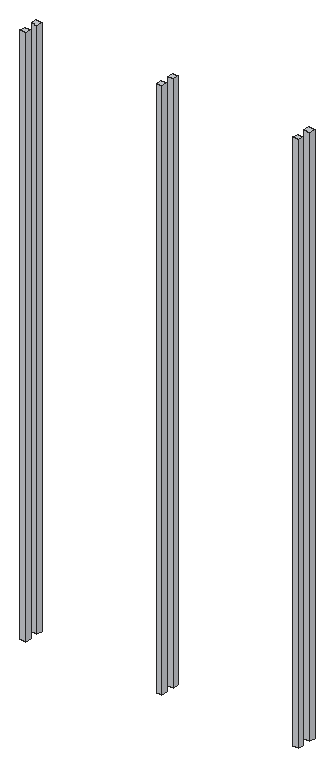
Revit family "M_Padrão do montante_4x1", category Modelos genéricos, Revit 2019
Family settings
  Pode hospedar o vergalhão = Não
  Cota do conector redondo = Utilizar diâmetro
  Tipo de parte = Normal
  Com base no plano de trabalho = Não
  Sempre na vertical = Sim
  Corte com vazios quando carregada = Não
  Compartilhado = Sim
  Ponto de cálculo do ambiente = Não
Parameters
  Largura [instance] = 1200 mm
  Espessura = 12.7 mm
  Altura [instance] = 1200 mm
  Material interior [instance] = none
  Material externo [instance] = none
  Distância = 19.05 mm
Reference planes
  plane 1 "Centro (Frente/Trás)": y = 0
  plane 2: z = 0
  plane 3 "Centro (Esquerda/Direita)": x = 0
  plane 4: z = 1200
  plane 5: x = -600
  plane 6: x = 600
  plane 7 "a": y = 9.525
  plane 8 "b": y = -9.525
  plane 9: x = -6.35
  plane 10: x = 6.35
  plane 11: x = -300
  plane 12: x = 300
  plane 13: x = -306.35
  plane 14: x = -293.65
  plane 15: x = 293.65
  plane 16: x = 306.35
  plane 17: y = 22.225
  plane 18: y = -22.225
Forms (mm)
  Extrusion 1, solid, material <- "Material externo", detail levels fine
    sketch origin (0, 9.525, 0) x (-1, 0, 0) y (0, 0, 1)
      loop
        line (306.35, 1200) -> (293.65, 1200) -> (293.65, 0) -> (306.35, 0) -> (306.35, 1200)
      loop
        line (6.35, 1200) -> (-6.35, 1200) -> (-6.35, 0) -> (6.35, 0) -> (6.35, 1200)
      loop
        line (-293.65, 1200) -> (-306.35, 1200) -> (-306.35, 0) -> (-293.65, 0) -> (-293.65, 1200)
    from 0 to 12.7
  Extrusion 2, solid, material <- "Material interior", detail levels fine
    sketch origin (0, -9.525, 0) x (-1, 0, 0) y (0, 0, 1)
      loop
        line (306.35, 1200) -> (293.65, 1200) -> (293.65, 0) -> (306.35, 0) -> (306.35, 1200)
      loop
        line (6.35, 1200) -> (-6.35, 1200) -> (-6.35, 0) -> (6.35, 0) -> (6.35, 1200)
      loop
        line (-293.65, 1200) -> (-306.35, 1200) -> (-306.35, 0) -> (-293.65, 0) -> (-293.65, 1200)
    from 0 to -12.7
Lines and regions (mm)
  model lines, detail levels medium
    curve 1: line (0, 9.525, 1200) -> (0, 9.525, 0)
    curve 2: line (-300, 9.525, 1200) -> (-300, 9.525, 0)
    curve 3: line (300, 9.525, 1200) -> (300, 9.525, 0)
    curve 4: line (0, -9.525, 1200) -> (0, -9.525, 0)
    curve 5: line (-300, -9.525, 1200) -> (-300, -9.525, 0)
    curve 6: line (300, -9.525, 1200) -> (300, -9.525, 0)
Dimensions and locks
  equal spacing: plane 6, plane 3 "Centro (Esquerda/Direita)", plane 5
  "Largura": plane 6 to plane 5
  "Altura": plane 4 to plane 2
  equal spacing: plane 7 "a", plane 1 "Centro (Frente/Trás)", plane 8 "b"
  "Distância": plane 7 "a" to plane 8 "b"
  equal spacing: plane 3 "Centro (Esquerda/Direita)", plane 11, plane 5
  equal spacing: plane 6, plane 12, plane 3 "Centro (Esquerda/Direita)"
  locked: plane 9 to plane 3 "Centro (Esquerda/Direita)" at 6.35
  locked: plane 10 to plane 3 "Centro (Esquerda/Direita)" at 6.35
  locked: plane 11 to plane 13 at 6.35
  locked: plane 14 to plane 11 at 6.35
  locked: plane 12 to plane 15 at 6.35
  locked: plane 16 to plane 12 at 6.35
  "Espessura": plane 17 to plane 7 "a"
  "Espessura": plane 8 "b" to plane 18
  aligned and locked: plane 2 to level
  aligned and locked: plane 4 to curve 1
  aligned and locked: plane 2 to curve 1
  aligned and locked: plane 13 to Extrusion 1 sketch curve
  aligned and locked: plane 4 to Extrusion 1 sketch curve  (x3)
  aligned and locked: plane 14 to Extrusion 1 sketch curve
  aligned and locked: plane 2 to Extrusion 1 sketch curve  (x3)
  aligned and locked: plane 9 to Extrusion 1 sketch curve
  aligned and locked: plane 10 to Extrusion 1 sketch curve
  aligned and locked: plane 15 to Extrusion 1 sketch curve
  aligned and locked: plane 16 to Extrusion 1 sketch curve
  aligned and locked: plane 11 to curve 2
  aligned and locked: plane 12 to curve 3
  aligned and locked: plane 2 to curve 2
  aligned and locked: plane 2 to curve 3
  aligned and locked: plane 4 to curve 3
  aligned and locked: plane 4 to curve 2
  aligned and locked: Extrusion 1 to plane 17
  aligned and locked: plane 18 to Extrusion 2
Automatic sketch dimensions
  curve 1 to plane 3 "Centro (Esquerda/Direita)" = 0 mm
  Extrusion 2 sketch curve to plane 4 = 0 mm  (x3)
  Extrusion 2 sketch curve to plane 16 = 0 mm
  Extrusion 2 sketch curve to plane 15 = 0 mm
  Extrusion 2 sketch curve to level = 0 mm  (x3)
  plane 10 to Extrusion 2 sketch curve = 0 mm
  plane 9 to Extrusion 2 sketch curve = 0 mm
  Extrusion 2 sketch curve to plane 14 = 0 mm
  Extrusion 2 sketch curve to plane 13 = 0 mm
  curve 6 to level = 0 mm
  curve 6 to plane 12 = 0 mm
  curve 4 to level = 0 mm
  curve 4 to plane 3 "Centro (Esquerda/Direita)" = 0 mm
  curve 5 to level = 0 mm
  curve 5 to plane 11 = 0 mm
  curve 6 to plane 4 = 0 mm
  curve 5 to plane 4 = 0 mm
  curve 4 to plane 4 = 0 mm
